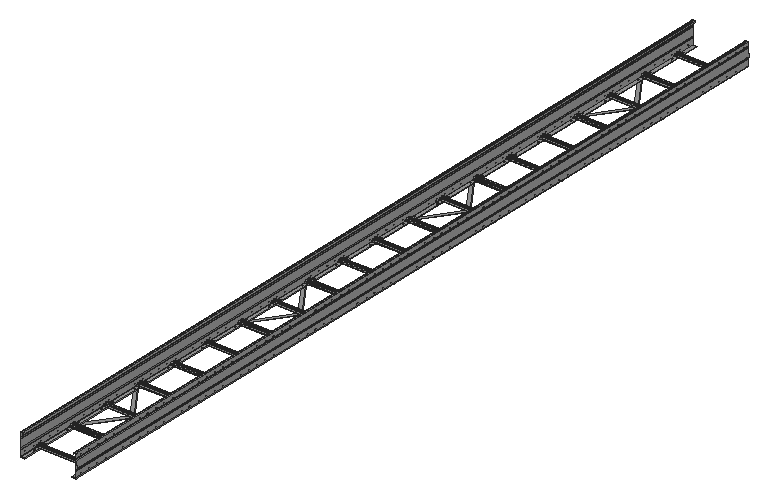
Revit family "WKLG1640", category Generic Models, Revit 2017 (continued)
Forms (mm)
  Extrusion 263, void
    sketch origin (0, 1500, 0) x (0, 1, 0) y (0, 0, 1)
      loop
        arc (50, 24) -> (49.854, 24.354) -> (49.5, 24.5) r 0.5
    from -200 to -197.99
  Extrusion 264, void
    sketch origin (0, 1575, 0) x (0, 1, 0) y (0, 0, 1)
      loop
        line (49.5, 24.5) -> (25.5, 24.5)
        arc (25.5, 24.5) -> (25.146, 24.354) -> (25, 24) r 0.5
        line (25, 24) -> (25, 16)
        arc (25, 16) -> (25.146, 15.646) -> (25.5, 15.5) r 0.5
        line (25.5, 15.5) -> (49.5, 15.5)
        arc (49.5, 15.5) -> (49.854, 15.646) -> (50, 16) r 0.5
        line (50, 16) -> (50, 24)
        arc (50, 24) -> (49.854, 24.354) -> (49.5, 24.5) r 0.5
    from -200 to -197.99
  Extrusion 265, void
    sketch origin (0, 1650, 0) x (0, 1, 0) y (0, 0, 1)
      loop
        line (49.5, 24.5) -> (25.5, 24.5)
        arc (25.5, 24.5) -> (25.146, 24.354) -> (25, 24) r 0.5
        line (25, 24) -> (25, 16)
        arc (25, 16) -> (25.146, 15.646) -> (25.5, 15.5) r 0.5
        line (25.5, 15.5) -> (49.5, 15.5)
        arc (49.5, 15.5) -> (49.854, 15.646) -> (50, 16) r 0.5
        line (50, 16) -> (50, 24)
        arc (50, 24) -> (49.854, 24.354) -> (49.5, 24.5) r 0.5
    from -200 to -197.99
  Extrusion 266, void
    sketch origin (0, 1725, 0) x (0, 1, 0) y (0, 0, 1)
      loop
        line (49.5, 24.5) -> (25.5, 24.5)
        arc (25.5, 24.5) -> (25.146, 24.354) -> (25, 24) r 0.5
        line (25, 24) -> (25, 16)
        arc (25, 16) -> (25.146, 15.646) -> (25.5, 15.5) r 0.5
        line (25.5, 15.5) -> (49.5, 15.5)
        arc (49.5, 15.5) -> (49.854, 15.646) -> (50, 16) r 0.5
        line (50, 16) -> (50, 24)
        arc (50, 24) -> (49.854, 24.354) -> (49.5, 24.5) r 0.5
    from -200 to -197.99
  Extrusion 267, void
    sketch origin (0, 1800, 0) x (0, 1, 0) y (0, 0, 1)
      loop
        line (49.5, 24.5) -> (25.5, 24.5)
        arc (25.5, 24.5) -> (25.146, 24.354) -> (25, 24) r 0.5
        line (25, 24) -> (25, 16)
        arc (25, 16) -> (25.146, 15.646) -> (25.5, 15.5) r 0.5
        line (25.5, 15.5) -> (49.5, 15.5)
        arc (49.5, 15.5) -> (49.854, 15.646) -> (50, 16) r 0.5
        line (50, 16) -> (50, 24)
        arc (50, 24) -> (49.854, 24.354) -> (49.5, 24.5) r 0.5
    from -200 to -197.99
  Extrusion 268, void
    sketch origin (0, 1875, 0) x (0, 1, 0) y (0, 0, 1)
      loop
        line (49.5, 24.5) -> (25.5, 24.5)
        arc (25.5, 24.5) -> (25.146, 24.354) -> (25, 24) r 0.5
        line (25, 24) -> (25, 16)
        arc (25, 16) -> (25.146, 15.646) -> (25.5, 15.5) r 0.5
        line (25.5, 15.5) -> (49.5, 15.5)
        arc (49.5, 15.5) -> (49.854, 15.646) -> (50, 16) r 0.5
        line (50, 16) -> (50, 24)
        arc (50, 24) -> (49.854, 24.354) -> (49.5, 24.5) r 0.5
    from -200 to -197.99
  Extrusion 269, void
    sketch origin (0, 1950, 0) x (0, 1, 0) y (0, 0, 1)
      loop
        line (49.5, 24.5) -> (25.5, 24.5)
        arc (25.5, 24.5) -> (25.146, 24.354) -> (25, 24) r 0.5
        line (25, 24) -> (25, 16)
        arc (25, 16) -> (25.146, 15.646) -> (25.5, 15.5) r 0.5
        line (25.5, 15.5) -> (49.5, 15.5)
        arc (49.5, 15.5) -> (49.854, 15.646) -> (50, 16) r 0.5
        line (50, 16) -> (50, 24)
        arc (50, 24) -> (49.854, 24.354) -> (49.5, 24.5) r 0.5
    from -200 to -197.99
  Extrusion 270, void
    sketch origin (0, 2025, 0) x (0, 1, 0) y (0, 0, 1)
      loop
        line (49.5, 24.5) -> (25.5, 24.5)
        arc (25.5, 24.5) -> (25.146, 24.354) -> (25, 24) r 0.5
        line (25, 24) -> (25, 16)
        arc (25, 16) -> (25.146, 15.646) -> (25.5, 15.5) r 0.5
        line (25.5, 15.5) -> (49.5, 15.5)
        arc (49.5, 15.5) -> (49.854, 15.646) -> (50, 16) r 0.5
        line (50, 16) -> (50, 24)
        arc (50, 24) -> (49.854, 24.354) -> (49.5, 24.5) r 0.5
    from -200 to -197.99
  Extrusion 271, void
    sketch origin (0, 2100, 0) x (0, 1, 0) y (0, 0, 1)
      loop
        line (49.5, 24.5) -> (25.5, 24.5)
        arc (25.5, 24.5) -> (25.146, 24.354) -> (25, 24) r 0.5
        line (25, 24) -> (25, 16)
        arc (25, 16) -> (25.146, 15.646) -> (25.5, 15.5) r 0.5
        line (25.5, 15.5) -> (49.5, 15.5)
        arc (49.5, 15.5) -> (49.854, 15.646) -> (50, 16) r 0.5
        line (50, 16) -> (50, 24)
        arc (50, 24) -> (49.854, 24.354) -> (49.5, 24.5) r 0.5
    from -200 to -197.99
  Extrusion 272, void
    sketch origin (0, 2175, 0) x (0, 1, 0) y (0, 0, 1)
      loop
        line (49.5, 24.5) -> (25.5, 24.5)
        arc (25.5, 24.5) -> (25.146, 24.354) -> (25, 24) r 0.5
        line (25, 24) -> (25, 16)
        arc (25, 16) -> (25.146, 15.646) -> (25.5, 15.5) r 0.5
        line (25.5, 15.5) -> (49.5, 15.5)
        arc (49.5, 15.5) -> (49.854, 15.646) -> (50, 16) r 0.5
        line (50, 16) -> (50, 24)
        arc (50, 24) -> (49.854, 24.354) -> (49.5, 24.5) r 0.5
    from -200 to -197.99
  Extrusion 273, void
    sketch origin (0, 2250, 0) x (0, 1, 0) y (0, 0, 1)
      loop
        line (49.5, 24.5) -> (25.5, 24.5)
        arc (25.5, 24.5) -> (25.146, 24.354) -> (25, 24) r 0.5
        line (25, 24) -> (25, 16)
        arc (25, 16) -> (25.146, 15.646) -> (25.5, 15.5) r 0.5
        line (25.5, 15.5) -> (49.5, 15.5)
        arc (49.5, 15.5) -> (49.854, 15.646) -> (50, 16) r 0.5
        line (50, 16) -> (50, 24)
        arc (50, 24) -> (49.854, 24.354) -> (49.5, 24.5) r 0.5
    from -200 to -197.99
  Extrusion 274, void
    sketch origin (0, 2325, 0) x (0, 1, 0) y (0, 0, 1)
      loop
        line (49.5, 24.5) -> (25.5, 24.5)
        arc (25.5, 24.5) -> (25.146, 24.354) -> (25, 24) r 0.5
        line (25, 24) -> (25, 16)
        arc (25, 16) -> (25.146, 15.646) -> (25.5, 15.5) r 0.5
        line (25.5, 15.5) -> (49.5, 15.5)
        arc (49.5, 15.5) -> (49.854, 15.646) -> (50, 16) r 0.5
        line (50, 16) -> (50, 24)
        arc (50, 24) -> (49.854, 24.354) -> (49.5, 24.5) r 0.5
    from -200 to -197.99
  Extrusion 275, void
    sketch origin (0, 2400, 0) x (0, 1, 0) y (0, 0, 1)
      loop
        line (49.5, 24.5) -> (25.5, 24.5)
        arc (25.5, 24.5) -> (25.146, 24.354) -> (25, 24) r 0.5
        line (25, 24) -> (25, 16)
        arc (25, 16) -> (25.146, 15.646) -> (25.5, 15.5) r 0.5
        line (25.5, 15.5) -> (49.5, 15.5)
        arc (49.5, 15.5) -> (49.854, 15.646) -> (50, 16) r 0.5
        line (50, 16) -> (50, 24)
        arc (50, 24) -> (49.854, 24.354) -> (49.5, 24.5) r 0.5
    from -200 to -197.99
  Extrusion 276, void
    sketch origin (0, 2475, 0) x (0, 1, 0) y (0, 0, 1)
      loop
        line (49.5, 24.5) -> (25.5, 24.5)
        arc (25.5, 24.5) -> (25.146, 24.354) -> (25, 24) r 0.5
        line (25, 24) -> (25, 16)
        arc (25, 16) -> (25.146, 15.646) -> (25.5, 15.5) r 0.5
        line (25.5, 15.5) -> (49.5, 15.5)
        arc (49.5, 15.5) -> (49.854, 15.646) -> (50, 16) r 0.5
        line (50, 16) -> (50, 24)
        arc (50, 24) -> (49.854, 24.354) -> (49.5, 24.5) r 0.5
    from -200 to -197.99
  Extrusion 277, void
    sketch origin (0, 2550, 0) x (0, 1, 0) y (0, 0, 1)
      loop
        line (49.5, 24.5) -> (25.5, 24.5)
        arc (25.5, 24.5) -> (25.146, 24.354) -> (25, 24) r 0.5
        line (25, 24) -> (25, 16)
        arc (25, 16) -> (25.146, 15.646) -> (25.5, 15.5) r 0.5
        line (25.5, 15.5) -> (49.5, 15.5)
        arc (49.5, 15.5) -> (49.854, 15.646) -> (50, 16) r 0.5
        line (50, 16) -> (50, 24)
        arc (50, 24) -> (49.854, 24.354) -> (49.5, 24.5) r 0.5
    from -200 to -197.99
  Extrusion 278, void
    sketch origin (0, 2625, 0) x (0, 1, 0) y (0, 0, 1)
      loop
        line (49.5, 24.5) -> (25.5, 24.5)
        arc (25.5, 24.5) -> (25.146, 24.354) -> (25, 24) r 0.5
        line (25, 24) -> (25, 16)
        arc (25, 16) -> (25.146, 15.646) -> (25.5, 15.5) r 0.5
        line (25.5, 15.5) -> (49.5, 15.5)
        arc (49.5, 15.5) -> (49.854, 15.646) -> (50, 16) r 0.5
        line (50, 16) -> (50, 24)
        arc (50, 24) -> (49.854, 24.354) -> (49.5, 24.5) r 0.5
    from -200 to -197.99
  Extrusion 279, void
    sketch origin (0, 2700, 0) x (0, 1, 0) y (0, 0, 1)
      loop
        line (49.5, 24.5) -> (25.5, 24.5)
        arc (25.5, 24.5) -> (25.146, 24.354) -> (25, 24) r 0.5
        line (25, 24) -> (25, 16)
        arc (25, 16) -> (25.146, 15.646) -> (25.5, 15.5) r 0.5
        line (25.5, 15.5) -> (49.5, 15.5)
        arc (49.5, 15.5) -> (49.854, 15.646) -> (50, 16) r 0.5
        line (50, 16) -> (50, 24)
        arc (50, 24) -> (49.854, 24.354) -> (49.5, 24.5) r 0.5
    from -200 to -197.99
  Extrusion 280, void
    sketch origin (0, 2775, 0) x (0, 1, 0) y (0, 0, 1)
      loop
        line (49.5, 24.5) -> (25.5, 24.5)
        arc (25.5, 24.5) -> (25.146, 24.354) -> (25, 24) r 0.5
        line (25, 24) -> (25, 16)
        arc (25, 16) -> (25.146, 15.646) -> (25.5, 15.5) r 0.5
        line (25.5, 15.5) -> (49.5, 15.5)
        arc (49.5, 15.5) -> (49.854, 15.646) -> (50, 16) r 0.5
        line (50, 16) -> (50, 24)
        arc (50, 24) -> (49.854, 24.354) -> (49.5, 24.5) r 0.5
    from -200 to -197.99
  Extrusion 281, void
    sketch origin (0, 2850, 0) x (0, 1, 0) y (0, 0, 1)
      loop
        line (49.5, 24.5) -> (25.5, 24.5)
        arc (25.5, 24.5) -> (25.146, 24.354) -> (25, 24) r 0.5
        line (25, 24) -> (25, 16)
        arc (25, 16) -> (25.146, 15.646) -> (25.5, 15.5) r 0.5
        line (25.5, 15.5) -> (49.5, 15.5)
        arc (49.5, 15.5) -> (49.854, 15.646) -> (50, 16) r 0.5
        line (50, 16) -> (50, 24)
        arc (50, 24) -> (49.854, 24.354) -> (49.5, 24.5) r 0.5
    from -200 to -197.99
  Extrusion 282, void
    sketch origin (0, 2925, 0) x (0, 1, 0) y (0, 0, 1)
      loop
        line (49.5, 24.5) -> (25.5, 24.5)
        arc (25.5, 24.5) -> (25.146, 24.354) -> (25, 24) r 0.5
        line (25, 24) -> (25, 16)
        arc (25, 16) -> (25.146, 15.646) -> (25.5, 15.5) r 0.5
        line (25.5, 15.5) -> (49.5, 15.5)
        arc (49.5, 15.5) -> (49.854, 15.646) -> (50, 16) r 0.5
        line (50, 16) -> (50, 24)
        arc (50, 24) -> (49.854, 24.354) -> (49.5, 24.5) r 0.5
    from -200 to -197.99
  Extrusion 283, void
    sketch origin (0, 3000, 0) x (0, 1, 0) y (0, 0, 1)
      loop
        line (49.5, 24.5) -> (25.5, 24.5)
        arc (25.5, 24.5) -> (25.146, 24.354) -> (25, 24) r 0.5
        line (25, 24) -> (25, 16)
        arc (25, 16) -> (25.146, 15.646) -> (25.5, 15.5) r 0.5
        line (25.5, 15.5) -> (49.5, 15.5)
        arc (49.5, 15.5) -> (49.854, 15.646) -> (50, 16) r 0.5
        line (50, 16) -> (50, 24)
        arc (50, 24) -> (49.854, 24.354) -> (49.5, 24.5) r 0.5
    from -200 to -197.99
  Extrusion 284, void
    sketch origin (0, 3075, 0) x (0, 1, 0) y (0, 0, 1)
      loop
        line (49.5, 24.5) -> (25.5, 24.5)
        arc (25.5, 24.5) -> (25.146, 24.354) -> (25, 24) r 0.5
        line (25, 24) -> (25, 16)
        arc (25, 16) -> (25.146, 15.646) -> (25.5, 15.5) r 0.5
        line (25.5, 15.5) -> (49.5, 15.5)
        arc (49.5, 15.5) -> (49.854, 15.646) -> (50, 16) r 0.5
        line (50, 16) -> (50, 24)
        arc (50, 24) -> (49.854, 24.354) -> (49.5, 24.5) r 0.5
    from -200 to -197.99
  Extrusion 285, void
    sketch origin (0, 3150, 0) x (0, 1, 0) y (0, 0, 1)
      loop
        line (49.5, 24.5) -> (25.5, 24.5)
        arc (25.5, 24.5) -> (25.146, 24.354) -> (25, 24) r 0.5
        line (25, 24) -> (25, 16)
        arc (25, 16) -> (25.146, 15.646) -> (25.5, 15.5) r 0.5
        line (25.5, 15.5) -> (49.5, 15.5)
        arc (49.5, 15.5) -> (49.854, 15.646) -> (50, 16) r 0.5
        line (50, 16) -> (50, 24)
        arc (50, 24) -> (49.854, 24.354) -> (49.5, 24.5) r 0.5
    from -200 to -197.99
  Extrusion 286, void
    sketch origin (0, 3225, 0) x (0, 1, 0) y (0, 0, 1)
      loop
        line (49.5, 24.5) -> (25.5, 24.5)
        arc (25.5, 24.5) -> (25.146, 24.354) -> (25, 24) r 0.5
        line (25, 24) -> (25, 16)
        arc (25, 16) -> (25.146, 15.646) -> (25.5, 15.5) r 0.5
        line (25.5, 15.5) -> (49.5, 15.5)
        arc (49.5, 15.5) -> (49.854, 15.646) -> (50, 16) r 0.5
        line (50, 16) -> (50, 24)
        arc (50, 24) -> (49.854, 24.354) -> (49.5, 24.5) r 0.5
    from -200 to -197.99
  Extrusion 287, void
    sketch origin (0, 3300, 0) x (0, 1, 0) y (0, 0, 1)
      loop
        line (49.5, 24.5) -> (25.5, 24.5)
        arc (25.5, 24.5) -> (25.146, 24.354) -> (25, 24) r 0.5
        line (25, 24) -> (25, 16)
        arc (25, 16) -> (25.146, 15.646) -> (25.5, 15.5) r 0.5
        line (25.5, 15.5) -> (49.5, 15.5)
        arc (49.5, 15.5) -> (49.854, 15.646) -> (50, 16) r 0.5
        line (50, 16) -> (50, 24)
        arc (50, 24) -> (49.854, 24.354) -> (49.5, 24.5) r 0.5
    from -200 to -197.99
  Extrusion 288, void
    sketch origin (0, 3375, 0) x (0, 1, 0) y (0, 0, 1)
      loop
        line (49.5, 24.5) -> (25.5, 24.5)
        arc (25.5, 24.5) -> (25.146, 24.354) -> (25, 24) r 0.5
        line (25, 24) -> (25, 16)
        arc (25, 16) -> (25.146, 15.646) -> (25.5, 15.5) r 0.5
        line (25.5, 15.5) -> (49.5, 15.5)
        arc (49.5, 15.5) -> (49.854, 15.646) -> (50, 16) r 0.5
        line (50, 16) -> (50, 24)
        arc (50, 24) -> (49.854, 24.354) -> (49.5, 24.5) r 0.5
    from -200 to -197.99
  Extrusion 289, void
    sketch origin (0, 3450, 0) x (0, 1, 0) y (0, 0, 1)
      loop
        line (49.5, 24.5) -> (25.5, 24.5)
        arc (25.5, 24.5) -> (25.146, 24.354) -> (25, 24) r 0.5
        line (25, 24) -> (25, 16)
        arc (25, 16) -> (25.146, 15.646) -> (25.5, 15.5) r 0.5
        line (25.5, 15.5) -> (49.5, 15.5)
        arc (49.5, 15.5) -> (49.854, 15.646) -> (50, 16) r 0.5
        line (50, 16) -> (50, 24)
        arc (50, 24) -> (49.854, 24.354) -> (49.5, 24.5) r 0.5
    from -200 to -197.99
  Extrusion 290, void
    sketch origin (0, 3525, 0) x (0, 1, 0) y (0, 0, 1)
      loop
        line (49.5, 24.5) -> (25.5, 24.5)
        arc (25.5, 24.5) -> (25.146, 24.354) -> (25, 24) r 0.5
        line (25, 24) -> (25, 16)
        arc (25, 16) -> (25.146, 15.646) -> (25.5, 15.5) r 0.5
        line (25.5, 15.5) -> (49.5, 15.5)
        arc (49.5, 15.5) -> (49.854, 15.646) -> (50, 16) r 0.5
        line (50, 16) -> (50, 24)
        arc (50, 24) -> (49.854, 24.354) -> (49.5, 24.5) r 0.5
    from -200 to -197.99
  Extrusion 291, void
    sketch origin (0, 3600, 0) x (0, 1, 0) y (0, 0, 1)
      loop
        line (49.5, 24.5) -> (25.5, 24.5)
        arc (25.5, 24.5) -> (25.146, 24.354) -> (25, 24) r 0.5
        line (25, 24) -> (25, 16)
        arc (25, 16) -> (25.146, 15.646) -> (25.5, 15.5) r 0.5
        line (25.5, 15.5) -> (49.5, 15.5)
        arc (49.5, 15.5) -> (49.854, 15.646) -> (50, 16) r 0.5
        line (50, 16) -> (50, 24)
        arc (50, 24) -> (49.854, 24.354) -> (49.5, 24.5) r 0.5
    from -200 to -197.99
  Extrusion 292, void
    sketch origin (0, 3675, 0) x (0, 1, 0) y (0, 0, 1)
      loop
        line (49.5, 24.5) -> (25.5, 24.5)
        arc (25.5, 24.5) -> (25.146, 24.354) -> (25, 24) r 0.5
        line (25, 24) -> (25, 16)
        arc (25, 16) -> (25.146, 15.646) -> (25.5, 15.5) r 0.5
        line (25.5, 15.5) -> (49.5, 15.5)
        arc (49.5, 15.5) -> (49.854, 15.646) -> (50, 16) r 0.5
        line (50, 16) -> (50, 24)
        arc (50, 24) -> (49.854, 24.354) -> (49.5, 24.5) r 0.5
    from -200 to -197.99
  Extrusion 293, void
    sketch origin (0, 3750, 0) x (0, 1, 0) y (0, 0, 1)
      loop
        line (49.5, 24.5) -> (25.5, 24.5)
        arc (25.5, 24.5) -> (25.146, 24.354) -> (25, 24) r 0.5
        line (25, 24) -> (25, 16)
        arc (25, 16) -> (25.146, 15.646) -> (25.5, 15.5) r 0.5
        line (25.5, 15.5) -> (49.5, 15.5)
        arc (49.5, 15.5) -> (49.854, 15.646) -> (50, 16) r 0.5
        line (50, 16) -> (50, 24)
        arc (50, 24) -> (49.854, 24.354) -> (49.5, 24.5) r 0.5
    from -200 to -197.99
  Extrusion 294, void
    sketch origin (0, 3825, 0) x (0, 1, 0) y (0, 0, 1)
      loop
        line (49.5, 24.5) -> (25.5, 24.5)
        arc (25.5, 24.5) -> (25.146, 24.354) -> (25, 24) r 0.5
        line (25, 24) -> (25, 16)
        arc (25, 16) -> (25.146, 15.646) -> (25.5, 15.5) r 0.5
        line (25.5, 15.5) -> (49.5, 15.5)
        arc (49.5, 15.5) -> (49.854, 15.646) -> (50, 16) r 0.5
        line (50, 16) -> (50, 24)
        arc (50, 24) -> (49.854, 24.354) -> (49.5, 24.5) r 0.5
    from -200 to -197.99
  Extrusion 295, void
    sketch origin (0, 3900, 0) x (0, 1, 0) y (0, 0, 1)
      loop
        line (49.5, 24.5) -> (25.5, 24.5)
        arc (25.5, 24.5) -> (25.146, 24.354) -> (25, 24) r 0.5
        line (25, 24) -> (25, 16)
        arc (25, 16) -> (25.146, 15.646) -> (25.5, 15.5) r 0.5
        line (25.5, 15.5) -> (49.5, 15.5)
        arc (49.5, 15.5) -> (49.854, 15.646) -> (50, 16) r 0.5
        line (50, 16) -> (50, 24)
        arc (50, 24) -> (49.854, 24.354) -> (49.5, 24.5) r 0.5
    from -200 to -197.99
  Extrusion 296, void
    sketch origin (0, 3975, 0) x (0, 1, 0) y (0, 0, 1)
      loop
        line (49.5, 24.5) -> (25.5, 24.5)
        arc (25.5, 24.5) -> (25.146, 24.354) -> (25, 24) r 0.5
        line (25, 24) -> (25, 16)
        arc (25, 16) -> (25.146, 15.646) -> (25.5, 15.5) r 0.5
        line (25.5, 15.5) -> (49.5, 15.5)
        arc (49.5, 15.5) -> (49.854, 15.646) -> (50, 16) r 0.5
        line (50, 16) -> (50, 24)
        arc (50, 24) -> (49.854, 24.354) -> (49.5, 24.5) r 0.5
    from -200 to -197.99
  Extrusion 297, void
    sketch origin (0, 4050, 0) x (0, 1, 0) y (0, 0, 1)
      loop
        line (49.5, 24.5) -> (25.5, 24.5)
        arc (25.5, 24.5) -> (25.146, 24.354) -> (25, 24) r 0.5
        line (25, 24) -> (25, 16)
        arc (25, 16) -> (25.146, 15.646) -> (25.5, 15.5) r 0.5
        line (25.5, 15.5) -> (49.5, 15.5)
        arc (49.5, 15.5) -> (49.854, 15.646) -> (50, 16) r 0.5
        line (50, 16) -> (50, 24)
        arc (50, 24) -> (49.854, 24.354) -> (49.5, 24.5) r 0.5
    from -200 to -197.99
  Extrusion 298, void
    sketch origin (0, 4125, 0) x (0, 1, 0) y (0, 0, 1)
      loop
        line (49.5, 24.5) -> (25.5, 24.5)
        arc (25.5, 24.5) -> (25.146, 24.354) -> (25, 24) r 0.5
        line (25, 24) -> (25, 16)
        arc (25, 16) -> (25.146, 15.646) -> (25.5, 15.5) r 0.5
        line (25.5, 15.5) -> (49.5, 15.5)
        arc (49.5, 15.5) -> (49.854, 15.646) -> (50, 16) r 0.5
        line (50, 16) -> (50, 24)
        arc (50, 24) -> (49.854, 24.354) -> (49.5, 24.5) r 0.5
    from -200 to -197.99
  Extrusion 299, void
    sketch origin (0, 4200, 0) x (0, 1, 0) y (0, 0, 1)
      loop
        line (49.5, 24.5) -> (25.5, 24.5)
        arc (25.5, 24.5) -> (25.146, 24.354) -> (25, 24) r 0.5
        line (25, 24) -> (25, 16)
        arc (25, 16) -> (25.146, 15.646) -> (25.5, 15.5) r 0.5
        line (25.5, 15.5) -> (49.5, 15.5)
        arc (49.5, 15.5) -> (49.854, 15.646) -> (50, 16) r 0.5
        line (50, 16) -> (50, 24)
        arc (50, 24) -> (49.854, 24.354) -> (49.5, 24.5) r 0.5
    from -200 to -197.99
  Extrusion 300, void
    sketch origin (0, 4275, 0) x (0, 1, 0) y (0, 0, 1)
      loop
        line (49.5, 24.5) -> (25.5, 24.5)
        arc (25.5, 24.5) -> (25.146, 24.354) -> (25, 24) r 0.5
        line (25, 24) -> (25, 16)
        arc (25, 16) -> (25.146, 15.646) -> (25.5, 15.5) r 0.5
        line (25.5, 15.5) -> (49.5, 15.5)
        arc (49.5, 15.5) -> (49.854, 15.646) -> (50, 16) r 0.5
        line (50, 16) -> (50, 24)
        arc (50, 24) -> (49.854, 24.354) -> (49.5, 24.5) r 0.5
    from -200 to -197.99
  Extrusion 301, void
    sketch origin (0, 4350, 0) x (0, 1, 0) y (0, 0, 1)
      loop
        line (49.5, 24.5) -> (25.5, 24.5)
        arc (25.5, 24.5) -> (25.146, 24.354) -> (25, 24) r 0.5
        line (25, 24) -> (25, 16)
        arc (25, 16) -> (25.146, 15.646) -> (25.5, 15.5) r 0.5
        line (25.5, 15.5) -> (49.5, 15.5)
        arc (49.5, 15.5) -> (49.854, 15.646) -> (50, 16) r 0.5
        line (50, 16) -> (50, 24)
        arc (50, 24) -> (49.854, 24.354) -> (49.5, 24.5) r 0.5
    from -200 to -197.99
  Extrusion 302, void
    sketch origin (0, 4425, 0) x (0, 1, 0) y (0, 0, 1)
      loop
        line (49.5, 24.5) -> (25.5, 24.5)
        arc (25.5, 24.5) -> (25.146, 24.354) -> (25, 24) r 0.5
        line (25, 24) -> (25, 16)
        arc (25, 16) -> (25.146, 15.646) -> (25.5, 15.5) r 0.5
        line (25.5, 15.5) -> (49.5, 15.5)
        arc (49.5, 15.5) -> (49.854, 15.646) -> (50, 16) r 0.5
        line (50, 16) -> (50, 24)
        arc (50, 24) -> (49.854, 24.354) -> (49.5, 24.5) r 0.5
    from -200 to -197.99
  Extrusion 303, void
    sketch origin (0, 4500, 0) x (0, 1, 0) y (0, 0, 1)
      loop
        line (49.5, 24.5) -> (25.5, 24.5)
        arc (25.5, 24.5) -> (25.146, 24.354) -> (25, 24) r 0.5
        line (25, 24) -> (25, 16)
        arc (25, 16) -> (25.146, 15.646) -> (25.5, 15.5) r 0.5
        line (25.5, 15.5) -> (49.5, 15.5)
        arc (49.5, 15.5) -> (49.854, 15.646) -> (50, 16) r 0.5
        line (50, 16) -> (50, 24)
        arc (50, 24) -> (49.854, 24.354) -> (49.5, 24.5) r 0.5
    from -200 to -197.99
  Extrusion 304, void
    sketch origin (0, 4575, 0) x (0, 1, 0) y (0, 0, 1)
      loop
        line (49.5, 24.5) -> (25.5, 24.5)
        arc (25.5, 24.5) -> (25.146, 24.354) -> (25, 24) r 0.5
        line (25, 24) -> (25, 16)
        arc (25, 16) -> (25.146, 15.646) -> (25.5, 15.5) r 0.5
        line (25.5, 15.5) -> (49.5, 15.5)
        arc (49.5, 15.5) -> (49.854, 15.646) -> (50, 16) r 0.5
        line (50, 16) -> (50, 24)
        arc (50, 24) -> (49.854, 24.354) -> (49.5, 24.5) r 0.5
    from -200 to -197.99
  Extrusion 305, void
    sketch origin (0, 4650, 0) x (0, 1, 0) y (0, 0, 1)
      loop
        line (49.5, 24.5) -> (25.5, 24.5)
        arc (25.5, 24.5) -> (25.146, 24.354) -> (25, 24) r 0.5
        line (25, 24) -> (25, 16)
        arc (25, 16) -> (25.146, 15.646) -> (25.5, 15.5) r 0.5
        line (25.5, 15.5) -> (49.5, 15.5)
        arc (49.5, 15.5) -> (49.854, 15.646) -> (50, 16) r 0.5
        line (50, 16) -> (50, 24)
        arc (50, 24) -> (49.854, 24.354) -> (49.5, 24.5) r 0.5
    from -200 to -197.99
  Extrusion 306, void
    sketch origin (0, 4725, 0) x (0, 1, 0) y (0, 0, 1)
      loop
        line (49.5, 24.5) -> (25.5, 24.5)
        arc (25.5, 24.5) -> (25.146, 24.354) -> (25, 24) r 0.5
        line (25, 24) -> (25, 16)
        arc (25, 16) -> (25.146, 15.646) -> (25.5, 15.5) r 0.5
        line (25.5, 15.5) -> (49.5, 15.5)
        arc (49.5, 15.5) -> (49.854, 15.646) -> (50, 16) r 0.5
        line (50, 16) -> (50, 24)
        arc (50, 24) -> (49.854, 24.354) -> (49.5, 24.5) r 0.5
    from -200 to -197.99
  Extrusion 307, void
    sketch origin (0, 4800, 0) x (0, 1, 0) y (0, 0, 1)
      loop
        line (49.5, 24.5) -> (25.5, 24.5)
        arc (25.5, 24.5) -> (25.146, 24.354) -> (25, 24) r 0.5
        line (25, 24) -> (25, 16)
        arc (25, 16) -> (25.146, 15.646) -> (25.5, 15.5) r 0.5
        line (25.5, 15.5) -> (49.5, 15.5)
        arc (49.5, 15.5) -> (49.854, 15.646) -> (50, 16) r 0.5
        line (50, 16) -> (50, 24)
        arc (50, 24) -> (49.854, 24.354) -> (49.5, 24.5) r 0.5
    from -200 to -197.99
  Extrusion 308, void
    sketch origin (0, 4875, 0) x (0, 1, 0) y (0, 0, 1)
      loop
        line (49.5, 24.5) -> (25.5, 24.5)
        arc (25.5, 24.5) -> (25.146, 24.354) -> (25, 24) r 0.5
        line (25, 24) -> (25, 16)
        arc (25, 16) -> (25.146, 15.646) -> (25.5, 15.5) r 0.5
        line (25.5, 15.5) -> (49.5, 15.5)
        arc (49.5, 15.5) -> (49.854, 15.646) -> (50, 16) r 0.5
        line (50, 16) -> (50, 24)
        arc (50, 24) -> (49.854, 24.354) -> (49.5, 24.5) r 0.5
    from -200 to -197.99
  Extrusion 309, void
    sketch origin (0, 4950, 0) x (0, 1, 0) y (0, 0, 1)
      loop
        line (49.5, 24.5) -> (25.5, 24.5)
        arc (25.5, 24.5) -> (25.146, 24.354) -> (25, 24) r 0.5
        line (25, 24) -> (25, 16)
        arc (25, 16) -> (25.146, 15.646) -> (25.5, 15.5) r 0.5
        line (25.5, 15.5) -> (49.5, 15.5)
        arc (49.5, 15.5) -> (49.854, 15.646) -> (50, 16) r 0.5
        line (50, 16) -> (50, 24)
        arc (50, 24) -> (49.854, 24.354) -> (49.5, 24.5) r 0.5
    from -200 to -197.99
  Extrusion 310, void
    sketch origin (0, 5025, 0) x (0, 1, 0) y (0, 0, 1)
      loop
        line (49.5, 24.5) -> (25.5, 24.5)
        arc (25.5, 24.5) -> (25.146, 24.354) -> (25, 24) r 0.5
        line (25, 24) -> (25, 16)
        arc (25, 16) -> (25.146, 15.646) -> (25.5, 15.5) r 0.5
        line (25.5, 15.5) -> (49.5, 15.5)
        arc (49.5, 15.5) -> (49.854, 15.646) -> (50, 16) r 0.5
        line (50, 16) -> (50, 24)
        arc (50, 24) -> (49.854, 24.354) -> (49.5, 24.5) r 0.5
    from -200 to -197.99
  Extrusion 311, void
    sketch origin (0, 5100, 0) x (0, 1, 0) y (0, 0, 1)
      loop
        line (49.5, 24.5) -> (25.5, 24.5)
        arc (25.5, 24.5) -> (25.146, 24.354) -> (25, 24) r 0.5
        line (25, 24) -> (25, 16)
        arc (25, 16) -> (25.146, 15.646) -> (25.5, 15.5) r 0.5
        line (25.5, 15.5) -> (49.5, 15.5)
        arc (49.5, 15.5) -> (49.854, 15.646) -> (50, 16) r 0.5
        line (50, 16) -> (50, 24)
        arc (50, 24) -> (49.854, 24.354) -> (49.5, 24.5) r 0.5
    from -200 to -197.99
  Extrusion 312, void
    sketch origin (0, 5175, 0) x (0, 1, 0) y (0, 0, 1)
      loop
        line (49.5, 24.5) -> (25.5, 24.5)
        arc (25.5, 24.5) -> (25.146, 24.354) -> (25, 24) r 0.5
        line (25, 24) -> (25, 16)
        arc (25, 16) -> (25.146, 15.646) -> (25.5, 15.5) r 0.5
        line (25.5, 15.5) -> (49.5, 15.5)
        arc (49.5, 15.5) -> (49.854, 15.646) -> (50, 16) r 0.5
        line (50, 16) -> (50, 24)
        arc (50, 24) -> (49.854, 24.354) -> (49.5, 24.5) r 0.5
    from -200 to -197.99
  Extrusion 313, void
    sketch origin (0, 5250, 0) x (0, 1, 0) y (0, 0, 1)
      loop
        line (49.5, 24.5) -> (25.5, 24.5)
        arc (25.5, 24.5) -> (25.146, 24.354) -> (25, 24) r 0.5
        line (25, 24) -> (25, 16)
        arc (25, 16) -> (25.146, 15.646) -> (25.5, 15.5) r 0.5
        line (25.5, 15.5) -> (49.5, 15.5)
        arc (49.5, 15.5) -> (49.854, 15.646) -> (50, 16) r 0.5
        line (50, 16) -> (50, 24)
        arc (50, 24) -> (49.854, 24.354) -> (49.5, 24.5) r 0.5
    from -200 to -197.99
  Extrusion 314, void
    sketch origin (0, 5325, 0) x (0, 1, 0) y (0, 0, 1)
      loop
        line (49.5, 24.5) -> (25.5, 24.5)
        arc (25.5, 24.5) -> (25.146, 24.354) -> (25, 24) r 0.5
        line (25, 24) -> (25, 16)
        arc (25, 16) -> (25.146, 15.646) -> (25.5, 15.5) r 0.5
        line (25.5, 15.5) -> (49.5, 15.5)
        arc (49.5, 15.5) -> (49.854, 15.646) -> (50, 16) r 0.5
        line (50, 16) -> (50, 24)
        arc (50, 24) -> (49.854, 24.354) -> (49.5, 24.5) r 0.5
    from -200 to -197.99
  Extrusion 315, void
    sketch origin (0, 5400, 0) x (0, 1, 0) y (0, 0, 1)
      loop
        line (49.5, 24.5) -> (25.5, 24.5)
        arc (25.5, 24.5) -> (25.146, 24.354) -> (25, 24) r 0.5
        line (25, 24) -> (25, 16)
        arc (25, 16) -> (25.146, 15.646) -> (25.5, 15.5) r 0.5
        line (25.5, 15.5) -> (49.5, 15.5)
        arc (49.5, 15.5) -> (49.854, 15.646) -> (50, 16) r 0.5
        line (50, 16) -> (50, 24)
        arc (50, 24) -> (49.854, 24.354) -> (49.5, 24.5) r 0.5
    from -200 to -197.99
  Extrusion 316, void
    sketch origin (0, 5475, 0) x (0, 1, 0) y (0, 0, 1)
      loop
        line (49.5, 24.5) -> (25.5, 24.5)
        arc (25.5, 24.5) -> (25.146, 24.354) -> (25, 24) r 0.5
        line (25, 24) -> (25, 16)
        arc (25, 16) -> (25.146, 15.646) -> (25.5, 15.5) r 0.5
        line (25.5, 15.5) -> (49.5, 15.5)
        arc (49.5, 15.5) -> (49.854, 15.646) -> (50, 16) r 0.5
        line (50, 16) -> (50, 24)
        arc (50, 24) -> (49.854, 24.354) -> (49.5, 24.5) r 0.5
    from -200 to -197.99
  Extrusion 317, void
    sketch origin (0, 5550, 0) x (0, 1, 0) y (0, 0, 1)
      loop
        line (49.5, 24.5) -> (25.5, 24.5)
        arc (25.5, 24.5) -> (25.146, 24.354) -> (25, 24) r 0.5
        line (25, 24) -> (25, 16)
        arc (25, 16) -> (25.146, 15.646) -> (25.5, 15.5) r 0.5
        line (25.5, 15.5) -> (49.5, 15.5)
        arc (49.5, 15.5) -> (49.854, 15.646) -> (50, 16) r 0.5
        line (50, 16) -> (50, 24)
        arc (50, 24) -> (49.854, 24.354) -> (49.5, 24.5) r 0.5
    from -200 to -197.99
  Extrusion 318, void
    sketch origin (0, 5625, 0) x (0, 1, 0) y (0, 0, 1)
      loop
        line (49.5, 24.5) -> (25.5, 24.5)
        arc (25.5, 24.5) -> (25.146, 24.354) -> (25, 24) r 0.5
        line (25, 24) -> (25, 16)
        arc (25, 16) -> (25.146, 15.646) -> (25.5, 15.5) r 0.5
        line (25.5, 15.5) -> (49.5, 15.5)
        arc (49.5, 15.5) -> (49.854, 15.646) -> (50, 16) r 0.5
        line (50, 16) -> (50, 24)
        arc (50, 24) -> (49.854, 24.354) -> (49.5, 24.5) r 0.5
    from -200 to -197.99
  Extrusion 319, void
    sketch origin (0, 5700, 0) x (0, 1, 0) y (0, 0, 1)
      loop
        line (49.5, 24.5) -> (25.5, 24.5)
        arc (25.5, 24.5) -> (25.146, 24.354) -> (25, 24) r 0.5
        line (25, 24) -> (25, 16)
        arc (25, 16) -> (25.146, 15.646) -> (25.5, 15.5) r 0.5
        line (25.5, 15.5) -> (49.5, 15.5)
        arc (49.5, 15.5) -> (49.854, 15.646) -> (50, 16) r 0.5
        line (50, 16) -> (50, 24)
        arc (50, 24) -> (49.854, 24.354) -> (49.5, 24.5) r 0.5
    from -200 to -197.99
  Extrusion 320, void
    sketch origin (0, 5775, 0) x (0, 1, 0) y (0, 0, 1)
      loop
        line (49.5, 24.5) -> (25.5, 24.5)
        arc (25.5, 24.5) -> (25.146, 24.354) -> (25, 24) r 0.5
        line (25, 24) -> (25, 16)
        arc (25, 16) -> (25.146, 15.646) -> (25.5, 15.5) r 0.5
        line (25.5, 15.5) -> (49.5, 15.5)
        arc (49.5, 15.5) -> (49.854, 15.646) -> (50, 16) r 0.5
        line (50, 16) -> (50, 24)
        arc (50, 24) -> (49.854, 24.354) -> (49.5, 24.5) r 0.5
    from -200 to -197.99
  Extrusion 321, void
    sketch origin (0, 5850, 0) x (0, 1, 0) y (0, 0, 1)
      loop
        line (49.5, 24.5) -> (25.5, 24.5)
        arc (25.5, 24.5) -> (25.146, 24.354) -> (25, 24) r 0.5
        line (25, 24) -> (25, 16)
        arc (25, 16) -> (25.146, 15.646) -> (25.5, 15.5) r 0.5
        line (25.5, 15.5) -> (49.5, 15.5)
        arc (49.5, 15.5) -> (49.854, 15.646) -> (50, 16) r 0.5
        line (50, 16) -> (50, 24)
        arc (50, 24) -> (49.854, 24.354) -> (49.5, 24.5) r 0.5
    from -200 to -197.99
  Extrusion 322, void
    sketch origin (0, 5925, 0) x (0, 1, 0) y (0, 0, 1)
      loop
        line (49.5, 24.5) -> (25.5, 24.5)
        arc (25.5, 24.5) -> (25.146, 24.354) -> (25, 24) r 0.5
        line (25, 24) -> (25, 16)
        arc (25, 16) -> (25.146, 15.646) -> (25.5, 15.5) r 0.5
        line (25.5, 15.5) -> (49.5, 15.5)
        arc (49.5, 15.5) -> (49.854, 15.646) -> (50, 16) r 0.5
        line (50, 16) -> (50, 24)
        arc (50, 24) -> (49.854, 24.354) -> (49.5, 24.5) r 0.5
    from -200 to -197.99
  Extrusion 323, solid, material "Hot-dip galvanised 85 µm" <- "Material"
    sketch origin (0, 0, 0) x (0, 1, 0) y (0, 0, 1)
      loop
        line (134.122, 4.735) -> (136.783, 15.735)
        arc (136.783, 15.735) -> (137.136, 16.286) -> (137.755, 16.5) r 1
        line (137.755, 16.5) -> (143.468, 16.5) -> (143.468, 18) -> (137.353, 18)
        arc (137.353, 18) -> (135.78, 17.443) -> (134.908, 16.021) r 2.5
        line (134.908, 16.021) -> (132.562, 5.021)
        arc (132.562, 5.021) -> (133.063, 2.927) -> (135.007, 2) r 2.5
        line (135.007, 2) -> (165.097, 2)
        arc (165.097, 2) -> (167.041, 2.927) -> (167.542, 5.021) r 2.5
        line (167.542, 5.021) -> (165.196, 16.021)
        arc (165.196, 16.021) -> (164.324, 17.443) -> (162.751, 18) r 2.5
        line (162.751, 18) -> (156.717, 18) -> (156.717, 16.5) -> (162.426, 16.5)
        arc (162.426, 16.5) -> (163.046, 16.284) -> (163.399, 15.73) r 1
        line (163.399, 15.73) -> (166, 4.73)
        arc (166, 4.73) -> (165.811, 3.88) -> (165.027, 3.5) r 1
        line (165.027, 3.5) -> (135.094, 3.5)
        arc (135.094, 3.5) -> (134.308, 3.882) -> (134.122, 4.735) r 1
    from -197.99 to 197.99
  Extrusion 324, void
    sketch origin (0, 0, 0) x (1, 0, 0) y (0, 1, 0)
      loop
        circle (-181.99, 100) r 2.5
    from 0 to 2
  Extrusion 325, void
    sketch origin (0, 300, 0) x (1, 0, 0) y (0, 1, 0)
      loop
        circle (-181.99, 100) r 2.5
    from 0 to 2
  Extrusion 326, void
    sketch origin (0, 600, 0) x (1, 0, 0) y (0, 1, 0)
      loop
        circle (-181.99, 100) r 2.5
    from 0 to 2
  Extrusion 327, void
    sketch origin (0, 900, 0) x (1, 0, 0) y (0, 1, 0)
      loop
        circle (-181.99, 100) r 2.5
    from 0 to 2
  Extrusion 328, void
    sketch origin (0, 1200, 0) x (1, 0, 0) y (0, 1, 0)
      loop
        circle (-181.99, 100) r 2.5
    from 0 to 2
  Extrusion 329, void
    sketch origin (0, 1500, 0) x (1, 0, 0) y (0, 1, 0)
      loop
        circle (-181.99, 100) r 2.5
    from 0 to 2
  Extrusion 330, void
    sketch origin (0, 1800, 0) x (1, 0, 0) y (0, 1, 0)
      loop
        circle (-181.99, 100) r 2.5
    from 0 to 2
  Extrusion 331, void
    sketch origin (0, 2100, 0) x (1, 0, 0) y (0, 1, 0)
      loop
        circle (-181.99, 100) r 2.5
    from 0 to 2
  Extrusion 332, void
    sketch origin (0, 2400, 0) x (1, 0, 0) y (0, 1, 0)
      loop
        circle (-181.99, 100) r 2.5
    from 0 to 2
  Extrusion 333, void
    sketch origin (0, 2700, 0) x (1, 0, 0) y (0, 1, 0)
      loop
        circle (-181.99, 100) r 2.5
    from 0 to 2
  Extrusion 334, void
    sketch origin (0, 3000, 0) x (1, 0, 0) y (0, 1, 0)
      loop
        circle (-181.99, 100) r 2.5
    from 0 to 2
  Extrusion 335, void
    sketch origin (0, 3300, 0) x (1, 0, 0) y (0, 1, 0)
      loop
        circle (-181.99, 100) r 2.5
    from 0 to 2
  Extrusion 336, void
    sketch origin (0, 3600, 0) x (1, 0, 0) y (0, 1, 0)
      loop
        circle (-181.99, 100) r 2.5
    from 0 to 2
  Extrusion 337, void
    sketch origin (0, 3900, 0) x (1, 0, 0) y (0, 1, 0)
      loop
        circle (-181.99, 100) r 2.5
    from 0 to 2
  Extrusion 338, void
    sketch origin (0, 4200, 0) x (1, 0, 0) y (0, 1, 0)
      loop
        circle (-181.99, 100) r 2.5
    from 0 to 2
  Extrusion 339, void
    sketch origin (0, 4500, 0) x (1, 0, 0) y (0, 1, 0)
      loop
        circle (-181.99, 100) r 2.5
    from 0 to 2
  Extrusion 340, void
    sketch origin (0, 4800, 0) x (1, 0, 0) y (0, 1, 0)
      loop
        circle (-181.99, 100) r 2.5
    from 0 to 2
  Extrusion 341, void
    sketch origin (0, 5100, 0) x (1, 0, 0) y (0, 1, 0)
      loop
        circle (-181.99, 100) r 2.5
    from 0 to 2
  Extrusion 342, void
    sketch origin (0, 5400, 0) x (1, 0, 0) y (0, 1, 0)
      loop
        circle (-181.99, 100) r 2.5
    from 0 to 2
  Extrusion 343, void
    sketch origin (0, 5700, 0) x (1, 0, 0) y (0, 1, 0)
      loop
        circle (-181.99, 100) r 2.5
    from 0 to 2
  Extrusion 344, void
    sketch origin (0, 0, 0) x (1, 0, 0) y (0, 1, 0)
      loop
        circle (-181.99, 200) r 2.5
    from 0 to 2
  Extrusion 345, void
    sketch origin (0, 300, 0) x (1, 0, 0) y (0, 1, 0)
      loop
        circle (-181.99, 200) r 2.5
    from 0 to 2
  Extrusion 346, void
    sketch origin (0, 600, 0) x (1, 0, 0) y (0, 1, 0)
      loop
        circle (-181.99, 200) r 2.5
    from 0 to 2
  Extrusion 347, void
    sketch origin (0, 900, 0) x (1, 0, 0) y (0, 1, 0)
      loop
        circle (-181.99, 200) r 2.5
    from 0 to 2
  Extrusion 348, void
    sketch origin (0, 1200, 0) x (1, 0, 0) y (0, 1, 0)
      loop
        circle (-181.99, 200) r 2.5
    from 0 to 2
  Extrusion 349, void
    sketch origin (0, 1500, 0) x (1, 0, 0) y (0, 1, 0)
      loop
        circle (-181.99, 200) r 2.5
    from 0 to 2
  Extrusion 350, void
    sketch origin (0, 1800, 0) x (1, 0, 0) y (0, 1, 0)
      loop
        circle (-181.99, 200) r 2.5
    from 0 to 2
  Extrusion 351, void
    sketch origin (0, 2100, 0) x (1, 0, 0) y (0, 1, 0)
      loop
        circle (-181.99, 200) r 2.5
    from 0 to 2
  Extrusion 352, void
    sketch origin (0, 2400, 0) x (1, 0, 0) y (0, 1, 0)
      loop
        circle (-181.99, 200) r 2.5
    from 0 to 2
  Extrusion 353, void
    sketch origin (0, 2700, 0) x (1, 0, 0) y (0, 1, 0)
      loop
        circle (-181.99, 200) r 2.5
    from 0 to 2
  Extrusion 354, void
    sketch origin (0, 3000, 0) x (1, 0, 0) y (0, 1, 0)
      loop
        circle (-181.99, 200) r 2.5
    from 0 to 2
  Extrusion 355, void
    sketch origin (0, 3300, 0) x (1, 0, 0) y (0, 1, 0)
      loop
        circle (-181.99, 200) r 2.5
    from 0 to 2
  Extrusion 356, void
    sketch origin (0, 3600, 0) x (1, 0, 0) y (0, 1, 0)
      loop
        circle (-181.99, 200) r 2.5
    from 0 to 2
  Extrusion 357, void
    sketch origin (0, 3900, 0) x (1, 0, 0) y (0, 1, 0)
      loop
        circle (-181.99, 200) r 2.5
    from 0 to 2
  Extrusion 358, void
    sketch origin (0, 4200, 0) x (1, 0, 0) y (0, 1, 0)
      loop
        circle (-181.99, 200) r 2.5
    from 0 to 2
  Extrusion 359, void
    sketch origin (0, 4500, 0) x (1, 0, 0) y (0, 1, 0)
      loop
        circle (-181.99, 200) r 2.5
    from 0 to 2
  Extrusion 360, void
    sketch origin (0, 4800, 0) x (1, 0, 0) y (0, 1, 0)
      loop
        circle (-181.99, 200) r 2.5
    from 0 to 2
  Extrusion 361, void
    sketch origin (0, 5100, 0) x (1, 0, 0) y (0, 1, 0)
      loop
        circle (-181.99, 200) r 2.5
    from 0 to 2
  Extrusion 362, void
    sketch origin (0, 5400, 0) x (1, 0, 0) y (0, 1, 0)
      loop
        circle (-181.99, 200) r 2.5
    from 0 to 2
  Extrusion 363, void
    sketch origin (0, 5700, 0) x (1, 0, 0) y (0, 1, 0)
      loop
        circle (-181.99, 200) r 2.5
    from 0 to 2
  Extrusion 364, void
    sketch origin (0, 0, 0) x (1, 0, 0) y (0, 1, 0)
      loop
        circle (181.99, 100) r 2.5
    from 0 to 2
  Extrusion 365, void
    sketch origin (0, 300, 0) x (1, 0, 0) y (0, 1, 0)
      loop
        circle (181.99, 100) r 2.5
    from 0 to 2
  Extrusion 366, void
    sketch origin (0, 600, 0) x (1, 0, 0) y (0, 1, 0)
      loop
        circle (181.99, 100) r 2.5
    from 0 to 2
  Extrusion 367, void
    sketch origin (0, 900, 0) x (1, 0, 0) y (0, 1, 0)
      loop
        circle (181.99, 100) r 2.5
    from 0 to 2
  Extrusion 368, void
    sketch origin (0, 1200, 0) x (1, 0, 0) y (0, 1, 0)
      loop
        circle (181.99, 100) r 2.5
    from 0 to 2
  Extrusion 369, void
    sketch origin (0, 1500, 0) x (1, 0, 0) y (0, 1, 0)
      loop
        circle (181.99, 100) r 2.5
    from 0 to 2
  Extrusion 370, void
    sketch origin (0, 1800, 0) x (1, 0, 0) y (0, 1, 0)
      loop
        circle (181.99, 100) r 2.5
    from 0 to 2
  Extrusion 371, void
    sketch origin (0, 2100, 0) x (1, 0, 0) y (0, 1, 0)
      loop
        circle (181.99, 100) r 2.5
    from 0 to 2
  Extrusion 372, void
    sketch origin (0, 2400, 0) x (1, 0, 0) y (0, 1, 0)
      loop
        circle (181.99, 100) r 2.5
    from 0 to 2
  Extrusion 373, void
    sketch origin (0, 2700, 0) x (1, 0, 0) y (0, 1, 0)
      loop
        circle (181.99, 100) r 2.5
    from 0 to 2
  Extrusion 374, void
    sketch origin (0, 3000, 0) x (1, 0, 0) y (0, 1, 0)
      loop
        circle (181.99, 100) r 2.5
    from 0 to 2
  Extrusion 375, void
    sketch origin (0, 3300, 0) x (1, 0, 0) y (0, 1, 0)
      loop
        circle (181.99, 100) r 2.5
    from 0 to 2
  Extrusion 376, void
    sketch origin (0, 3600, 0) x (1, 0, 0) y (0, 1, 0)
      loop
        circle (181.99, 100) r 2.5
    from 0 to 2
  Extrusion 377, void
    sketch origin (0, 3900, 0) x (1, 0, 0) y (0, 1, 0)
      loop
        circle (181.99, 100) r 2.5
    from 0 to 2
  Extrusion 378, void
    sketch origin (0, 4200, 0) x (1, 0, 0) y (0, 1, 0)
      loop
        circle (181.99, 100) r 2.5
    from 0 to 2
  Extrusion 379, void
    sketch origin (0, 4500, 0) x (1, 0, 0) y (0, 1, 0)
      loop
        circle (181.99, 100) r 2.5
    from 0 to 2
  Extrusion 380, void
    sketch origin (0, 4800, 0) x (1, 0, 0) y (0, 1, 0)
      loop
        circle (181.99, 100) r 2.5
    from 0 to 2
  Extrusion 381, void
    sketch origin (0, 5100, 0) x (1, 0, 0) y (0, 1, 0)
      loop
        circle (181.99, 100) r 2.5
    from 0 to 2
  Extrusion 382, void
    sketch origin (0, 5400, 0) x (1, 0, 0) y (0, 1, 0)
      loop
        circle (181.99, 100) r 2.5
    from 0 to 2
  Extrusion 383, void
    sketch origin (0, 5700, 0) x (1, 0, 0) y (0, 1, 0)
      loop
        circle (181.99, 100) r 2.5
    from 0 to 2
  Extrusion 384, void
    sketch origin (0, 0, 0) x (1, 0, 0) y (0, 1, 0)
      loop
        circle (181.99, 200) r 2.5
    from 0 to 2
  Extrusion 385, void
    sketch origin (0, 300, 0) x (1, 0, 0) y (0, 1, 0)
      loop
        circle (181.99, 200) r 2.5
    from 0 to 2
  Extrusion 386, void
    sketch origin (0, 600, 0) x (1, 0, 0) y (0, 1, 0)
      loop
        circle (181.99, 200) r 2.5
    from 0 to 2
  Extrusion 387, void
    sketch origin (0, 900, 0) x (1, 0, 0) y (0, 1, 0)
      loop
        circle (181.99, 200) r 2.5
    from 0 to 2
  Extrusion 388, void
    sketch origin (0, 1200, 0) x (1, 0, 0) y (0, 1, 0)
      loop
        circle (181.99, 200) r 2.5
    from 0 to 2
  Extrusion 389, void
    sketch origin (0, 1500, 0) x (1, 0, 0) y (0, 1, 0)
      loop
        circle (181.99, 200) r 2.5
    from 0 to 2
  Extrusion 390, void
    sketch origin (0, 1800, 0) x (1, 0, 0) y (0, 1, 0)
      loop
        circle (181.99, 200) r 2.5
    from 0 to 2
  Extrusion 391, void
    sketch origin (0, 2100, 0) x (1, 0, 0) y (0, 1, 0)
      loop
        circle (181.99, 200) r 2.5
    from 0 to 2
  Extrusion 392, void
    sketch origin (0, 2400, 0) x (1, 0, 0) y (0, 1, 0)
      loop
        circle (181.99, 200) r 2.5
    from 0 to 2
  Extrusion 393, void
    sketch origin (0, 2700, 0) x (1, 0, 0) y (0, 1, 0)
      loop
        circle (181.99, 200) r 2.5
    from 0 to 2
  Extrusion 394, void
    sketch origin (0, 3000, 0) x (1, 0, 0) y (0, 1, 0)
      loop
        circle (181.99, 200) r 2.5
    from 0 to 2
  Extrusion 395, void
    sketch origin (0, 3300, 0) x (1, 0, 0) y (0, 1, 0)
      loop
        circle (181.99, 200) r 2.5
    from 0 to 2
  Extrusion 396, void
    sketch origin (0, 3600, 0) x (1, 0, 0) y (0, 1, 0)
      loop
        circle (181.99, 200) r 2.5
    from 0 to 2
  Extrusion 397, void
    sketch origin (0, 3900, 0) x (1, 0, 0) y (0, 1, 0)
      loop
        circle (181.99, 200) r 2.5
    from 0 to 2
  Extrusion 398, void
    sketch origin (0, 4200, 0) x (1, 0, 0) y (0, 1, 0)
      loop
        circle (181.99, 200) r 2.5
    from 0 to 2
  Extrusion 399, void
    sketch origin (0, 4500, 0) x (1, 0, 0) y (0, 1, 0)
      loop
        circle (181.99, 200) r 2.5
    from 0 to 2
  Extrusion 400, void
    sketch origin (0, 4800, 0) x (1, 0, 0) y (0, 1, 0)
      loop
        circle (181.99, 200) r 2.5
    from 0 to 2
  Extrusion 401, void
    sketch origin (0, 5100, 0) x (1, 0, 0) y (0, 1, 0)
      loop
        circle (181.99, 200) r 2.5
    from 0 to 2
  Extrusion 402, void
    sketch origin (0, 5400, 0) x (1, 0, 0) y (0, 1, 0)
      loop
        circle (181.99, 200) r 2.5
    from 0 to 2
  Extrusion 403, void
    sketch origin (0, 5700, 0) x (1, 0, 0) y (0, 1, 0)
      loop
        circle (181.99, 200) r 2.5
    from 0 to 2
  Extrusion 404, void
    sketch origin (0, 0, 0) x (1, 0, 0) y (0, 1, 0)
      loop
        circle (-187.49, 150) r 2.75
      loop
        circle (-157.49, 150) r 3.5
      loop
        circle (187.49, 150) r 2.75
      loop
        circle (157.49, 150) r 3.5
    from 0 to 3.565
  Extrusion 405, solid, material "Hot-dip galvanised 85 µm" <- "Material", not visible
    sketch origin (0, 0, 0) x (0, 1, 0) y (0, 0, 1)
      loop
        line (134.122, 4.735) -> (136.783, 15.735)
        arc (136.783, 15.735) -> (137.136, 16.286) -> (137.755, 16.5) r 1
        line (137.755, 16.5) -> (143.468, 16.5) -> (143.468, 18) -> (137.353, 18)
        arc (137.353, 18) -> (135.78, 17.443) -> (134.908, 16.021) r 2.5
        line (134.908, 16.021) -> (132.562, 5.021)
        arc (132.562, 5.021) -> (133.063, 2.927) -> (135.007, 2) r 2.5
        line (135.007, 2) -> (165.097, 2)
        arc (165.097, 2) -> (167.041, 2.927) -> (167.542, 5.021) r 2.5
        line (167.542, 5.021) -> (165.196, 16.021)
        arc (165.196, 16.021) -> (164.324, 17.443) -> (162.751, 18) r 2.5
        line (162.751, 18) -> (156.717, 18) -> (156.717, 16.5) -> (162.426, 16.5)
        arc (162.426, 16.5) -> (163.046, 16.284) -> (163.399, 15.73) r 1
        line (163.399, 15.73) -> (166, 4.73)
        arc (166, 4.73) -> (165.811, 3.88) -> (165.027, 3.5) r 1
        line (165.027, 3.5) -> (135.094, 3.5)
        arc (135.094, 3.5) -> (134.308, 3.882) -> (134.122, 4.735) r 1
    from -197.99 to 197.99
  Extrusion 406, solid, material "Hot-dip galvanised 85 µm" <- "Material"
    sketch origin (0, 300, 0) x (0, 1, 0) y (0, 0, 1)
      loop
        line (134.122, 4.735) -> (136.783, 15.735)
        arc (136.783, 15.735) -> (137.136, 16.286) -> (137.755, 16.5) r 1
        line (137.755, 16.5) -> (143.468, 16.5) -> (143.468, 18) -> (137.353, 18)
        arc (137.353, 18) -> (135.78, 17.443) -> (134.908, 16.021) r 2.5
        line (134.908, 16.021) -> (132.562, 5.021)
        arc (132.562, 5.021) -> (133.063, 2.927) -> (135.007, 2) r 2.5
        line (135.007, 2) -> (165.097, 2)
        arc (165.097, 2) -> (167.041, 2.927) -> (167.542, 5.021) r 2.5
        line (167.542, 5.021) -> (165.196, 16.021)
        arc (165.196, 16.021) -> (164.324, 17.443) -> (162.751, 18) r 2.5
        line (162.751, 18) -> (156.717, 18) -> (156.717, 16.5) -> (162.426, 16.5)
        arc (162.426, 16.5) -> (163.046, 16.284) -> (163.399, 15.73) r 1
        line (163.399, 15.73) -> (166, 4.73)
        arc (166, 4.73) -> (165.811, 3.88) -> (165.027, 3.5) r 1
        line (165.027, 3.5) -> (135.094, 3.5)
        arc (135.094, 3.5) -> (134.308, 3.882) -> (134.122, 4.735) r 1
    from -197.99 to 197.99
  Extrusion 407, void
    sketch origin (0, 300, 0) x (1, 0, 0) y (0, 1, 0)
      loop
        circle (-187.49, 150) r 2.75
      loop
        circle (-157.49, 150) r 3.5
      loop
        circle (187.49, 150) r 2.75
      loop
        circle (157.49, 150) r 3.5
    from 0 to 3.565
  Extrusion 408, solid, material "Hot-dip galvanised 85 µm" <- "Material"
    sketch origin (0, 600, 0) x (0, 1, 0) y (0, 0, 1)
      loop
        line (134.122, 4.735) -> (136.783, 15.735)
        arc (136.783, 15.735) -> (137.136, 16.286) -> (137.755, 16.5) r 1
        line (137.755, 16.5) -> (143.468, 16.5) -> (143.468, 18) -> (137.353, 18)
        arc (137.353, 18) -> (135.78, 17.443) -> (134.908, 16.021) r 2.5
        line (134.908, 16.021) -> (132.562, 5.021)
        arc (132.562, 5.021) -> (133.063, 2.927) -> (135.007, 2) r 2.5
        line (135.007, 2) -> (165.097, 2)
        arc (165.097, 2) -> (167.041, 2.927) -> (167.542, 5.021) r 2.5
        line (167.542, 5.021) -> (165.196, 16.021)
        arc (165.196, 16.021) -> (164.324, 17.443) -> (162.751, 18) r 2.5
        line (162.751, 18) -> (156.717, 18) -> (156.717, 16.5) -> (162.426, 16.5)
        arc (162.426, 16.5) -> (163.046, 16.284) -> (163.399, 15.73) r 1
        line (163.399, 15.73) -> (166, 4.73)
        arc (166, 4.73) -> (165.811, 3.88) -> (165.027, 3.5) r 1
        line (165.027, 3.5) -> (135.094, 3.5)
        arc (135.094, 3.5) -> (134.308, 3.882) -> (134.122, 4.735) r 1
    from -197.99 to 197.99
  Extrusion 409, void
    sketch origin (0, 600, 0) x (1, 0, 0) y (0, 1, 0)
      loop
        circle (-187.49, 150) r 2.75
      loop
        circle (-157.49, 150) r 3.5
      loop
        circle (187.49, 150) r 2.75
      loop
        circle (157.49, 150) r 3.5
    from 0 to 3.565
  Extrusion 410, solid, material "Hot-dip galvanised 85 µm" <- "Material"
    sketch origin (0, 900, 0) x (0, 1, 0) y (0, 0, 1)
      loop
        line (134.122, 4.735) -> (136.783, 15.735)
        arc (136.783, 15.735) -> (137.136, 16.286) -> (137.755, 16.5) r 1
        line (137.755, 16.5) -> (143.468, 16.5) -> (143.468, 18) -> (137.353, 18)
        arc (137.353, 18) -> (135.78, 17.443) -> (134.908, 16.021) r 2.5
        line (134.908, 16.021) -> (132.562, 5.021)
        arc (132.562, 5.021) -> (133.063, 2.927) -> (135.007, 2) r 2.5
        line (135.007, 2) -> (165.097, 2)
        arc (165.097, 2) -> (167.041, 2.927) -> (167.542, 5.021) r 2.5
        line (167.542, 5.021) -> (165.196, 16.021)
        arc (165.196, 16.021) -> (164.324, 17.443) -> (162.751, 18) r 2.5
        line (162.751, 18) -> (156.717, 18) -> (156.717, 16.5) -> (162.426, 16.5)
        arc (162.426, 16.5) -> (163.046, 16.284) -> (163.399, 15.73) r 1
        line (163.399, 15.73) -> (166, 4.73)
        arc (166, 4.73) -> (165.811, 3.88) -> (165.027, 3.5) r 1
        line (165.027, 3.5) -> (135.094, 3.5)
        arc (135.094, 3.5) -> (134.308, 3.882) -> (134.122, 4.735) r 1
    from -197.99 to 197.99
  Extrusion 411, void
    sketch origin (0, 900, 0) x (1, 0, 0) y (0, 1, 0)
      loop
        circle (-187.49, 150) r 2.75
      loop
        circle (-157.49, 150) r 3.5
      loop
        circle (187.49, 150) r 2.75
      loop
        circle (157.49, 150) r 3.5
    from 0 to 3.565
  Extrusion 412, solid, material "Hot-dip galvanised 85 µm" <- "Material"
    sketch origin (0, 1200, 0) x (0, 1, 0) y (0, 0, 1)
      loop
        line (134.122, 4.735) -> (136.783, 15.735)
        arc (136.783, 15.735) -> (137.136, 16.286) -> (137.755, 16.5) r 1
        line (137.755, 16.5) -> (143.468, 16.5) -> (143.468, 18) -> (137.353, 18)
        arc (137.353, 18) -> (135.78, 17.443) -> (134.908, 16.021) r 2.5
        line (134.908, 16.021) -> (132.562, 5.021)
        arc (132.562, 5.021) -> (133.063, 2.927) -> (135.007, 2) r 2.5
        line (135.007, 2) -> (165.097, 2)
        arc (165.097, 2) -> (167.041, 2.927) -> (167.542, 5.021) r 2.5
        line (167.542, 5.021) -> (165.196, 16.021)
        arc (165.196, 16.021) -> (164.324, 17.443) -> (162.751, 18) r 2.5
        line (162.751, 18) -> (156.717, 18) -> (156.717, 16.5) -> (162.426, 16.5)
        arc (162.426, 16.5) -> (163.046, 16.284) -> (163.399, 15.73) r 1
        line (163.399, 15.73) -> (166, 4.73)
        arc (166, 4.73) -> (165.811, 3.88) -> (165.027, 3.5) r 1
        line (165.027, 3.5) -> (135.094, 3.5)
        arc (135.094, 3.5) -> (134.308, 3.882) -> (134.122, 4.735) r 1
    from -197.99 to 197.99
  Extrusion 413, void
    sketch origin (0, 1200, 0) x (1, 0, 0) y (0, 1, 0)
      loop
        circle (-187.49, 150) r 2.75
      loop
        circle (-157.49, 150) r 3.5
      loop
        circle (187.49, 150) r 2.75
      loop
        circle (157.49, 150) r 3.5
    from 0 to 3.565
  Extrusion 414, solid, material "Hot-dip galvanised 85 µm" <- "Material"
    sketch origin (0, 1500, 0) x (0, 1, 0) y (0, 0, 1)
      loop
        line (134.122, 4.735) -> (136.783, 15.735)
        arc (136.783, 15.735) -> (137.136, 16.286) -> (137.755, 16.5) r 1
        line (137.755, 16.5) -> (143.468, 16.5) -> (143.468, 18) -> (137.353, 18)
        arc (137.353, 18) -> (135.78, 17.443) -> (134.908, 16.021) r 2.5
        line (134.908, 16.021) -> (132.562, 5.021)
        arc (132.562, 5.021) -> (133.063, 2.927) -> (135.007, 2) r 2.5
        line (135.007, 2) -> (165.097, 2)
        arc (165.097, 2) -> (167.041, 2.927) -> (167.542, 5.021) r 2.5
        line (167.542, 5.021) -> (165.196, 16.021)
        arc (165.196, 16.021) -> (164.324, 17.443) -> (162.751, 18) r 2.5
        line (162.751, 18) -> (156.717, 18) -> (156.717, 16.5) -> (162.426, 16.5)
        arc (162.426, 16.5) -> (163.046, 16.284) -> (163.399, 15.73) r 1
        line (163.399, 15.73) -> (166, 4.73)
        arc (166, 4.73) -> (165.811, 3.88) -> (165.027, 3.5) r 1
        line (165.027, 3.5) -> (135.094, 3.5)
        arc (135.094, 3.5) -> (134.308, 3.882) -> (134.122, 4.735) r 1
    from -197.99 to 197.99
  Extrusion 415, void
    sketch origin (0, 1500, 0) x (1, 0, 0) y (0, 1, 0)
      loop
        circle (-187.49, 150) r 2.75
      loop
        circle (-157.49, 150) r 3.5
      loop
        circle (187.49, 150) r 2.75
      loop
        circle (157.49, 150) r 3.5
    from 0 to 3.565
  Extrusion 416, solid, material "Hot-dip galvanised 85 µm" <- "Material"
    sketch origin (0, 1800, 0) x (0, 1, 0) y (0, 0, 1)
      loop
        line (134.122, 4.735) -> (136.783, 15.735)
        arc (136.783, 15.735) -> (137.136, 16.286) -> (137.755, 16.5) r 1
        line (137.755, 16.5) -> (143.468, 16.5) -> (143.468, 18) -> (137.353, 18)
        arc (137.353, 18) -> (135.78, 17.443) -> (134.908, 16.021) r 2.5
        line (134.908, 16.021) -> (132.562, 5.021)
        arc (132.562, 5.021) -> (133.063, 2.927) -> (135.007, 2) r 2.5
        line (135.007, 2) -> (165.097, 2)
        arc (165.097, 2) -> (167.041, 2.927) -> (167.542, 5.021) r 2.5
        line (167.542, 5.021) -> (165.196, 16.021)
        arc (165.196, 16.021) -> (164.324, 17.443) -> (162.751, 18) r 2.5
